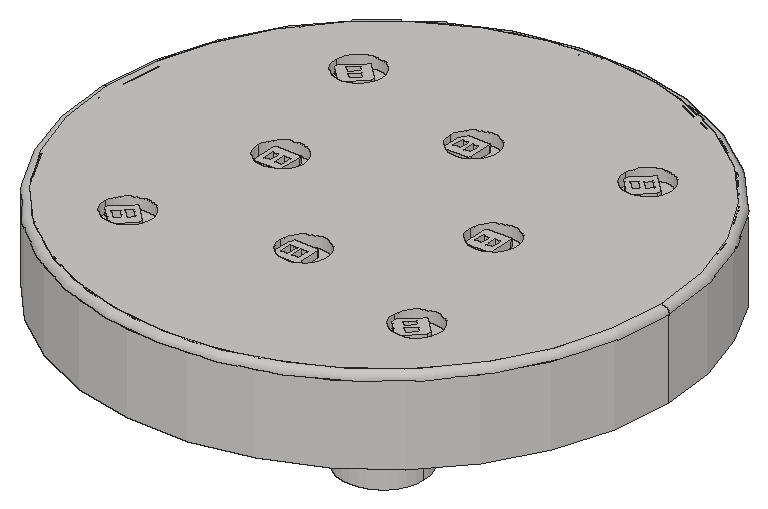
Revit family "52175-bim", category Plumbing Fixtures, host Face, Revit 2014
Parameters (values of type "Standard")
  Width = 6 3/64"  # constant formula
  Vent Connection = no
  URL = ""
  Manufacturer = ""
  Faucet Material = Metal - Delta - Stainless-Steel
  Model = "52175"  # constant formula
  Height = 2 145/256"  # constant formula
  Description = "Faucet"  # constant formula
  Depth = 6 3/64"  # constant formula
  Default Elevation = 0"
Reference planes (in)
  plane 1 "Center (Front/Back)": y = 0
  plane 2: z = 0
  plane 3 "Center (Left/Right)": x = 0
  plane 4: y = 3.02344
  plane 5: y = -3.02344
  plane 6: z = 2.56641
  plane 7: x = 10.125
  plane 8: x = -3.02344
  plane 9: x = 3.02344
Forms (in)
  Sweep 1, solid, material "Metal - Delta - Stainless-Steel" <- "Faucet Material"
    path origin (0, 0, 0) x (1, 0, 0) y (0, 1, 0)
      loop
        circle (0.01562, 0) r 3.02344
    profile origin (0.01563, 3.02344, 0) x (0, -1, 0) y (0, 0, 1)
      loop
        line (0, 1.64961) -> (0.11235, 1.64961) -> (0.11235, 1.72762) -> (0.05906, 1.72762) -> (0.05906, 2.48528)
        arc (0.05906, 2.48528) -> (0.06533, 2.50042) -> (0.08047, 2.50669) r 0.02141
        line (0.08047, 2.50669) -> (0.11235, 2.50669) -> (0.11235, 2.56575) -> (0.07512, 2.56575)
        arc (0.07512, 2.56575) -> (0.022, 2.54375) -> (0, 2.49063) r 0.07512
        line (0, 2.49063) -> (0, 1.64961)
  Extrusion 2, void
    sketch origin (0, 0, 0) x (1, 0, 0) y (0, 1, 0)
      loop
        circle (-1.47977, 1.53382) r 0.25
      loop
        circle (1.58914, 1.53382) r 0.25
      loop
        circle (0.0602, 1.12832) r 0.25
      loop
        circle (-1.47977, -1.53382) r 0.25
      loop
        circle (1.58914, -1.53382) r 0.25
      loop
        circle (0.0602, -1.12832) r 0.25
      loop
        circle (1.17412, 0.00122) r 0.25
      loop
        circle (-1.08037, 0.00122) r 0.25
    from 2.44764 to 2.66639
  Extrusion 3, solid, material "Metal - Delta - Stainless-Steel" <- "Faucet Material"
    sketch origin (0, 0, 0) x (1, 0, 0) y (0, 1, 0)
      loop
        arc (-1.23843, 0.14961) -> (-1.25513, 0.14269) -> (-1.26205, 0.12598) r 0.02362
        line (-1.26205, 0.12598) -> (-1.26205, -0.12598)
        arc (-1.26205, -0.12598) -> (-1.25513, -0.14269) -> (-1.23843, -0.14961) r 0.02362
        line (-1.23843, -0.14961) -> (-1.00615, -0.14961)
        arc (-1.00615, -0.14961) -> (-0.98944, -0.14269) -> (-0.98252, -0.12598) r 0.02362
        line (-0.98252, -0.12598) -> (-0.98252, 0.12598)
        arc (-0.98252, 0.12598) -> (-0.98944, 0.14269) -> (-1.00615, 0.14961) r 0.02362
        line (-1.00615, 0.14961) -> (-1.23843, 0.14961)
      loop
        line (-1.21496, 0.06155) -> (-1.21496, -0.06155) -> (-1.13906, -0.06155) -> (-1.13906, 0.06155) -> (-1.21496, 0.06155)
      loop
        line (-1.10237, 0.06155) -> (-1.10237, -0.06155) -> (-1.02646, -0.06155) -> (-1.02646, 0.06155) -> (-1.10237, 0.06155)
      loop
        line (1.23819, 0.14961) -> (1.00591, 0.14961)
        arc (1.00591, 0.14961) -> (0.9892, 0.14269) -> (0.98228, 0.12598) r 0.02362
        line (0.98228, 0.12598) -> (0.98228, -0.12598)
        arc (0.98228, -0.12598) -> (0.9892, -0.14269) -> (1.00591, -0.14961) r 0.02362
        line (1.00591, -0.14961) -> (1.23819, -0.14961)
        arc (1.23819, -0.14961) -> (1.25489, -0.14269) -> (1.26181, -0.12598) r 0.02362
        line (1.26181, -0.12598) -> (1.26181, 0.12598)
        arc (1.26181, 0.12598) -> (1.25489, 0.14269) -> (1.23819, 0.14961) r 0.02362
      loop
        line (1.21472, 0.06155) -> (1.13882, 0.06155) -> (1.13882, -0.06155) -> (1.21472, -0.06155) -> (1.21472, 0.06155)
      loop
        line (1.10213, 0.06155) -> (1.02622, 0.06155) -> (1.02622, -0.06155) -> (1.10213, -0.06155) -> (1.10213, 0.06155)
      loop
        line (0.09449, -0.99409) -> (-0.1378, -0.99409)
        arc (-0.1378, -0.99409) -> (-0.1545, -1.00101) -> (-0.16142, -1.01772) r 0.02362
        line (-0.16142, -1.01772) -> (-0.16142, -1.26969)
        arc (-0.16142, -1.26969) -> (-0.1545, -1.28639) -> (-0.1378, -1.29331) r 0.02362
        line (-0.1378, -1.29331) -> (0.09449, -1.29331)
        arc (0.09449, -1.29331) -> (0.11119, -1.28639) -> (0.11811, -1.26969) r 0.02362
        line (0.11811, -1.26969) -> (0.11811, -1.01772)
        arc (0.11811, -1.01772) -> (0.11119, -1.00101) -> (0.09449, -0.99409) r 0.02362
      loop
        line (0.07102, -1.08215) -> (-0.00488, -1.08215) -> (-0.00488, -1.20526) -> (0.07102, -1.20526) -> (0.07102, -1.08215)
      loop
        line (-0.04157, -1.08215) -> (-0.11748, -1.08215) -> (-0.11748, -1.20526) -> (-0.04157, -1.20526) -> (-0.04157, -1.08215)
      loop
        line (-1.55121, -1.34647) -> (-1.71546, -1.51072)
        arc (-1.71546, -1.51072) -> (-1.72238, -1.52742) -> (-1.71546, -1.54412) r 0.02362
        line (-1.71546, -1.54412) -> (-1.53729, -1.72229)
        arc (-1.53729, -1.72229) -> (-1.52058, -1.72921) -> (-1.50388, -1.72229) r 0.02362
        line (-1.50388, -1.72229) -> (-1.33963, -1.55804)
        arc (-1.33963, -1.55804) -> (-1.33271, -1.54134) -> (-1.33963, -1.52464) r 0.02362
        line (-1.33963, -1.52464) -> (-1.5178, -1.34647)
        arc (-1.5178, -1.34647) -> (-1.5345, -1.33955) -> (-1.55121, -1.34647) r 0.02362
      loop
        line (-1.50554, -1.42532) -> (-1.55921, -1.479) -> (-1.47216, -1.56605) -> (-1.41849, -1.51237) -> (-1.50554, -1.42532)
      loop
        line (-1.58516, -1.50494) -> (-1.63883, -1.55861) -> (-1.55178, -1.64566) -> (-1.4981, -1.59199) -> (-1.58516, -1.50494)
      loop
        arc (1.55097, -1.34647) -> (1.53426, -1.33955) -> (1.51756, -1.34647) r 0.02362
        line (1.51756, -1.34647) -> (1.33939, -1.52464)
        arc (1.33939, -1.52464) -> (1.33247, -1.54134) -> (1.33939, -1.55804) r 0.02362
        line (1.33939, -1.55804) -> (1.50364, -1.72229)
        arc (1.50364, -1.72229) -> (1.52034, -1.72921) -> (1.53705, -1.72229) r 0.02362
        line (1.53705, -1.72229) -> (1.71522, -1.54412)
        arc (1.71522, -1.54412) -> (1.72213, -1.52742) -> (1.71522, -1.51072) r 0.02362
        line (1.71522, -1.51072) -> (1.55097, -1.34647)
      loop
        line (1.5053, -1.42532) -> (1.41825, -1.51237) -> (1.47192, -1.56605) -> (1.55897, -1.479) -> (1.5053, -1.42532)
      loop
        line (1.58491, -1.50494) -> (1.49786, -1.59199) -> (1.55154, -1.64566) -> (1.63859, -1.55861) -> (1.58491, -1.50494)
      loop
        line (1.55097, 1.34647) -> (1.71522, 1.51072)
        arc (1.71522, 1.51072) -> (1.72213, 1.52742) -> (1.71522, 1.54412) r 0.02362
        line (1.71522, 1.54412) -> (1.53705, 1.72229)
        arc (1.53705, 1.72229) -> (1.52034, 1.72921) -> (1.50364, 1.72229) r 0.02362
        line (1.50364, 1.72229) -> (1.33939, 1.55804)
        arc (1.33939, 1.55804) -> (1.33247, 1.54134) -> (1.33939, 1.52464) r 0.02362
        line (1.33939, 1.52464) -> (1.51756, 1.34647)
        arc (1.51756, 1.34647) -> (1.53426, 1.33955) -> (1.55097, 1.34647) r 0.02362
      loop
        line (1.5053, 1.42532) -> (1.55897, 1.479) -> (1.47192, 1.56605) -> (1.41825, 1.51237) -> (1.5053, 1.42532)
      loop
        line (1.58491, 1.50494) -> (1.63859, 1.55861) -> (1.55154, 1.64566) -> (1.49786, 1.59199) -> (1.58491, 1.50494)
      loop
        arc (-1.55121, 1.34647) -> (-1.5345, 1.33955) -> (-1.5178, 1.34647) r 0.02362
        line (-1.5178, 1.34647) -> (-1.33963, 1.52464)
        arc (-1.33963, 1.52464) -> (-1.33271, 1.54134) -> (-1.33963, 1.55804) r 0.02362
        line (-1.33963, 1.55804) -> (-1.50388, 1.72229)
        arc (-1.50388, 1.72229) -> (-1.52058, 1.72921) -> (-1.53729, 1.72229) r 0.02362
        line (-1.53729, 1.72229) -> (-1.71546, 1.54412)
        arc (-1.71546, 1.54412) -> (-1.72238, 1.52742) -> (-1.71546, 1.51072) r 0.02362
        line (-1.71546, 1.51072) -> (-1.55121, 1.34647)
      loop
        line (-1.50554, 1.42532) -> (-1.41849, 1.51237) -> (-1.47216, 1.56605) -> (-1.55921, 1.479) -> (-1.50554, 1.42532)
      loop
        line (-1.58516, 1.50494) -> (-1.4981, 1.59199) -> (-1.55178, 1.64566) -> (-1.63883, 1.55861) -> (-1.58516, 1.50494)
      loop
        arc (0.09449, 0.99409) -> (0.11119, 1.00101) -> (0.11811, 1.01772) r 0.02362
        line (0.11811, 1.01772) -> (0.11811, 1.26969)
        arc (0.11811, 1.26969) -> (0.11119, 1.28639) -> (0.09449, 1.29331) r 0.02362
        line (0.09449, 1.29331) -> (-0.1378, 1.29331)
        arc (-0.1378, 1.29331) -> (-0.1545, 1.28639) -> (-0.16142, 1.26969) r 0.02362
        line (-0.16142, 1.26969) -> (-0.16142, 1.01772)
        arc (-0.16142, 1.01772) -> (-0.1545, 1.00101) -> (-0.1378, 0.99409) r 0.02362
        line (-0.1378, 0.99409) -> (0.09449, 0.99409)
      loop
        line (0.07102, 1.08215) -> (0.07102, 1.20526) -> (-0.00488, 1.20526) -> (-0.00488, 1.08215) -> (0.07102, 1.08215)
      loop
        line (-0.04157, 1.08215) -> (-0.04157, 1.20526) -> (-0.11748, 1.20526) -> (-0.11748, 1.08215) -> (-0.04157, 1.08215)
    from 2.44764 to 2.51703
  Revolve 4, solid, material "Metal - Delta - Stainless-Steel" <- "Faucet Material"
    sketch origin (0, 0, 0) x (1, 0, 0) y (0, 0, 1)
      loop
        line (-0.43701, 0) -> (-0.38317, 0) -> (-0.38317, 0.46994) -> (-0.25029, 0.56299) -> (-0.25029, 1.67992) -> (-0.75029, 1.67992) -> (-0.75029, 1.08787) -> (-0.68738, 1.08787) -> (-0.68738, 0.90035)
        arc (-0.68738, 0.90035) -> (-0.67967, 0.88173) -> (-0.66104, 0.87402) r 0.02634
        line (-0.66104, 0.87402) -> (-0.34374, 0.87402) -> (-0.34374, 0.7332)
        arc (-0.34374, 0.7332) -> (-0.35092, 0.71585) -> (-0.36828, 0.70866) r 0.02454
        line (-0.36828, 0.70866) -> (-0.415, 0.70866)
        arc (-0.415, 0.70866) -> (-0.43056, 0.70221) -> (-0.43701, 0.68665) r 0.02201
        line (-0.43701, 0.68665) -> (-0.43701, 0)
      axis (0, 1.67992) -> (0, 0)
    angle from 0 to 360
  Extrusion 5, solid, material "Metal - Delta - Stainless-Steel" <- "Faucet Material"
    sketch origin (0.01562, 0, 2.56575) x (1, 0, 0) y (0, 1, 0)
      loop
        circle (0, 0) r 2.91109
    from 0 to -0.91614
Cuts and joins
  Extrusion 2 cuts Sweep 1
  Extrusion 2 cuts Extrusion 5
  joined: Sweep 1, Extrusion 5
Dimensions and locks (in)
  equal spacing: plane 4, plane 1 "Center (Front/Back)", plane 5
  "Depth": plane 4 to plane 5
  "Height": plane 6 to plane 2
  equal spacing: plane 8, plane 3 "Center (Left/Right)", plane 9
  "Width": plane 8 to plane 9
  aligned and locked: plane 2 to host face
  aligned and locked: level to host face
Automatic sketch dimensions
  host sketch curve to host sketch curve = 96"  (x2)
  plane 8 to Extrusion 3 sketch curve = 1.30798"  (x2)
  Extrusion 3 sketch curve to Extrusion 3 sketch curve = 0"  (x9)
  Extrusion 3 sketch curve to Extrusion 3 sketch curve = 0.0167"  (x44)
  Extrusion 3 sketch curve to Extrusion 3 sketch curve = 0.05992"  (x8)
  Extrusion 3 sketch curve to Extrusion 3 sketch curve = 0.05367"  (x8)
  Extrusion 3 sketch curve to Extrusion 3 sketch curve = 0.02594"  (x12)
  Extrusion 3 sketch curve to Extrusion 3 sketch curve = 0.08705"  (x4)
  Extrusion 3 sketch curve to Extrusion 3 sketch curve = 0.00801"  (x2)
  Extrusion 3 sketch curve to Extrusion 3 sketch curve = 0.01449"  (x2)
  Extrusion 3 sketch curve to Extrusion 3 sketch curve = 0.02897"  (x2)
  Extrusion 3 sketch curve to Extrusion 3 sketch curve = 0.06215"  (x8)
  plane 1 "Center (Front/Back)" to Extrusion 3 sketch curve = 0.12598"  (x2)
  Extrusion 3 sketch curve to Extrusion 3 sketch curve = 0.25575"
  Extrusion 3 sketch curve to Extrusion 3 sketch curve = 0.02362"  (x12)
  Extrusion 3 sketch curve to Extrusion 3 sketch curve = 0.02347"  (x7)
  Extrusion 3 sketch curve to Extrusion 3 sketch curve = 0.07591"  (x4)
  Extrusion 3 sketch curve to Extrusion 3 sketch curve = 0.03669"  (x2)
  Extrusion 3 sketch curve to Extrusion 3 sketch curve = 0.02032"  (x5)
  Extrusion 3 sketch curve to plane 3 "Center (Left/Right)" = 0.16142"  (x2)
  Extrusion 3 sketch curve to plane 3 "Center (Left/Right)" = 0.04157"  (x2)
  Extrusion 3 sketch curve to plane 3 "Center (Left/Right)" = 0.00488"  (x2)
  plane 3 "Center (Left/Right)" to Extrusion 3 sketch curve = 0.07102"  (x2)
  plane 3 "Center (Left/Right)" to Extrusion 3 sketch curve = 0.98228"
  Extrusion 3 sketch curve to Extrusion 3 sketch curve = 1.22128"  (x2)
  Extrusion 3 sketch curve to Extrusion 3 sketch curve = 0.00578"  (x6)
  Extrusion 3 sketch curve to Extrusion 3 sketch curve = 0.01226"  (x6)
  Extrusion 3 sketch curve to Extrusion 3 sketch curve = 0.03119"  (x6)
  plane 1 "Center (Front/Back)" to Extrusion 3 sketch curve = 0.99409"
  Extrusion 3 sketch curve to Extrusion 3 sketch curve = 0.06443"  (x8)
  Extrusion 3 sketch curve to Extrusion 3 sketch curve = 0.12311"  (x2)
  Extrusion 3 sketch curve to Extrusion 3 sketch curve = 1.19686"  (x4)
  plane 1 "Center (Front/Back)" to Extrusion 3 sketch curve = 0.06155"  (x3)
  Extrusion 3 sketch curve to plane 1 "Center (Front/Back)" = 0.06155"  (x2)
  Extrusion 3 sketch curve to plane 1 "Center (Front/Back)" = 0.99409"
  Revolve 4 sketch curve to level = 0"  (x2)
  Revolve 4 sketch curve to plane 3 "Center (Left/Right)" = 0"
  Revolve 4 sketch curve to plane 3 "Center (Left/Right)" = 0.25029"
  Revolve 4 sketch curve to Revolve 4 sketch curve = 0.09345"
  Revolve 4 sketch curve to Revolve 4 sketch curve = 0.02454"
  Revolve 4 sketch curve to Revolve 4 sketch curve = 0.38317"
  Revolve 4 sketch curve to Revolve 4 sketch curve = 0.04672"
  Revolve 4 sketch curve to Revolve 4 sketch curve = 0.02201"
  Revolve 4 sketch curve to Revolve 4 sketch curve = 0.22404"
  Revolve 4 sketch curve to Revolve 4 sketch curve = 0.02634"
  Revolve 4 sketch curve to Revolve 4 sketch curve = 0.06291"
  Revolve 4 sketch curve to Revolve 4 sketch curve = 0.46994"
  Revolve 4 sketch curve to Revolve 4 sketch curve = 0.09305"
  Revolve 4 sketch curve to Revolve 4 sketch curve = 0.12366"
  Revolve 4 sketch curve to Revolve 4 sketch curve = 0.18737"
  Revolve 4 sketch curve to Revolve 4 sketch curve = 3/16"
  Revolve 4 sketch curve to Revolve 4 sketch curve = 0.59205"
  Revolve 4 sketch curve to level = 1/4"
  Sweep 1 sketch curve to plane 1 "Center (Front/Back)" = 0"
  plane 3 "Center (Left/Right)" to Sweep 1 sketch curve = 1/64"
  Sweep 1 sketch curve to profile plane = 0"
  Sweep 1 sketch curve to profile plane = 0.05906"
  Sweep 1 sketch curve to Sweep 1 sketch curve = 0.01607"
  Sweep 1 sketch curve to Sweep 1 sketch curve = 0.00534"  (x2)
  Sweep 1 sketch curve to Sweep 1 sketch curve = 0.03188"
  Sweep 1 sketch curve to Sweep 1 sketch curve = 0.0533"
  Sweep 1 sketch curve to Sweep 1 sketch curve = 0.07801"
  Sweep 1 sketch curve to Sweep 1 sketch curve = 0.75767"
  level to Sweep 1 sketch curve = 1.64961"
  Extrusion 2 sketch curve to plane 3 "Center (Left/Right)" = 1.47977"  (x2)
  Extrusion 2 sketch curve to plane 1 "Center (Front/Back)" = 0.00122"  (x2)
  Extrusion 2 sketch curve to plane 3 "Center (Left/Right)" = 1.08037"
  plane 3 "Center (Left/Right)" to Extrusion 2 sketch curve = 0.0602"  (x2)
  plane 3 "Center (Left/Right)" to Extrusion 2 sketch curve = 1.17412"
  Extrusion 2 sketch curve to plane 9 = 1.4343"  (x2)
  plane 1 "Center (Front/Back)" to Extrusion 2 sketch curve = 1.12832"
  plane 5 to Extrusion 2 sketch curve = 1.48962"  (x2)
  Extrusion 2 sketch curve to plane 1 "Center (Front/Back)" = 1.12832"
  Extrusion 2 sketch curve to plane 4 = 1.48962"  (x2)
  radius of Sweep 1 sketch curve = 3 3/128"
  radius of Extrusion 5 sketch curve to Sweep 1 = 0"
  radius of Extrusion 2 sketch curve = 1/4"  (x8)
